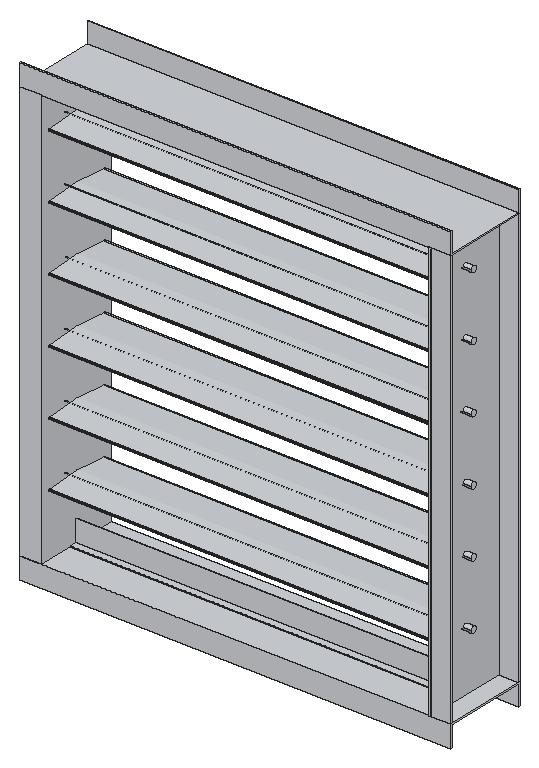
Revit family "NAH-720-1,721-1", category Mechanical Equipment, Revit 2015
Parameters
  URL = "http://unitedenertech.com/catalog/pdf/C_13,14,15,16%20NAH-720-1.pdf"
  Type Comments = "Max. Single Section Size is (60\"w x 96\"h)"
  Model = "NAH-720-1, NAH-721-1"
  Manufacturer = "United Enertech Corporation"
  Keynote = "This model is only a representation of the product, blade position will vary from built dampers."
  Exact Width = 3' - 0"
  Exact Height = 3' - 3"
  Description = "Industrial Airfoil Blade Control Damper"
  Blade Spacing = 0' - 6"
  Blade Number [instance] = (Exact Height - 0' 3") / Blade Spacing  # 6
  BW [instance] = Exact Width - 0' 0 1/8"  # 2' - 11 7/8"
Reference planes (in)
  plane 1 "Center (Front/Back)": y = 0
  plane 2: z = 0
  plane 3 "Center (Left/Right)": x = 0
  plane 4: x = -18
  plane 5: x = 18
  plane 6: x = -20
  plane 7: x = 20
  plane 8: z = 39
  plane 9: z = 41
  plane 10: z = -2
  plane 11: y = 8
  plane 12: z = 35.8483
Forms (in)
  Extrusion 1, solid
    sketch origin (0, 0, 0) x (0, 1, 0) y (0, 0, 1)
      loop
        line (8, 41) -> (7.8954, 41) -> (7.8954, 39.1046) -> (0.1046, 39.1046) -> (0.1046, 41) -> (0, 41) -> (0, 39) -> (8, 39) -> (8, 41)
    from -20 to 20
  Extrusion 2, solid
    sketch origin (0, 0, 0) x (0, 1, 0) y (0, 0, 1)
      loop
        line (8, -2) -> (8, 0) -> (0, 0) -> (0, -2) -> (0.1046, -2) -> (0.1046, -0.1046) -> (7.8954, -0.1046) -> (7.8954, -2) -> (8, -2)
    from -20 to 20
  Extrusion 3, solid
    sketch origin (0, 0, 0) x (1, 0, 0) y (0, 1, 0)
      loop
        line (20, 8) -> (18, 8) -> (18, 0) -> (20, 0) -> (20, 0.1046) -> (18.1046, 0.1046) -> (18.1046, 7.8954) -> (20, 7.8954) -> (20, 8)
    from 0 to 39
  Extrusion 4, solid
    sketch origin (0, 0, 0) x (-1, 0, 0) y (0, -1, 0)
      loop
        line (20, -8) -> (20, -7.8954) -> (18.1046, -7.8954) -> (18.1046, -0.1046) -> (20, -0.1046) -> (20, 0) -> (18, 0) -> (18, -8) -> (20, -8)
    from 0 to 39
  Extrusion 5, solid
    sketch origin (0, 0, 0) x (0, 1, 0) y (0, 0, 1)
      loop
        line (4, 39) -> (4, 38.25) -> (4.1046, 38.25) -> (4.1046, 38.8954) -> (4.75, 38.8954) -> (4.75, 39) -> (4, 39)
    from -18 to 18
  Extrusion 6, solid
    sketch origin (0, 0, 0) x (0, 1, 0) y (0, 0, 1)
      loop
        line (4, 0) -> (4, 2.11083) -> (3.8954, 2.11083) -> (3.8954, 0.1046) -> (3.25, 0.1046) -> (3.25, 0) -> (4, 0)
    from -18 to 18
Dimensions and locks (in)
  equal spacing: plane 4, plane 3 "Center (Left/Right)", plane 5
  "Exact Width": plane 4 to plane 5
  locked: plane 5 to plane 7 at 2
  locked: plane 6 to plane 4 at 2
  "Exact Height": plane 8 to level
  locked: plane 9 to plane 8 at 2
  locked: level to plane 10 at 2
  locked: plane 8 to plane 12 at 3.1517
  equal spacing: group 1, group 2, group 3, group 4, group 5, group 6  (x2)
  equal spacing: group 6, group 5, group 4, group 3, group 2, group 1
  "Blade Spacing": nested 1 to nested 2
  aligned and locked: level to plane 2
  aligned and locked: Extrusion 2 to plane 6
  aligned and locked: Extrusion 1 to plane 6
  aligned and locked: plane 7 to Extrusion 1
  aligned and locked: plane 7 to Extrusion 2
  aligned and locked: Extrusion 4 to level
  aligned and locked: Extrusion 3 to level
  aligned and locked: plane 8 to Extrusion 4
  aligned and locked: plane 8 to Extrusion 3
  aligned and locked: plane 4 to Extrusion 5
  aligned and locked: plane 5 to Extrusion 5
  aligned and locked: plane 12 to nested 1
  aligned and locked: plane 4 to Extrusion 6
  aligned and locked: plane 5 to Extrusion 6
Automatic sketch dimensions
  Extrusion 1 sketch curve to plane 1 "Center (Front/Back)" = 0' - 0"
  Extrusion 1 sketch curve to plane 9 = 0' - 0"  (x2)
  Extrusion 1 sketch curve to plane 8 = 0' - 0"
  Extrusion 1 sketch curve to plane 11 = 0' - 0"
  Extrusion 1 sketch curve to Extrusion 1 sketch curve = 0' - 0.1046"
  Extrusion 1 sketch curve to plane 11 = 0' - 0.1046"
  plane 8 to Extrusion 1 sketch curve = 0' - 0.1046"
  Extrusion 2 sketch curve to plane 1 "Center (Front/Back)" = 0' - 0"
  Extrusion 2 sketch curve to plane 10 = 0' - 0"  (x2)
  Extrusion 2 sketch curve to level = 0' - 0"
  Extrusion 2 sketch curve to plane 11 = 0' - 0"
  Extrusion 2 sketch curve to plane 1 "Center (Front/Back)" = 0' - 0.1046"
  Extrusion 2 sketch curve to plane 11 = 0' - 0.1046"
  Extrusion 2 sketch curve to level = 0' - 0.1046"
  Extrusion 3 sketch curve to plane 5 = 0' - 0"
  Extrusion 3 sketch curve to plane 7 = 0' - 0"  (x2)
  plane 1 "Center (Front/Back)" to Extrusion 3 sketch curve = 0' - 0"
  Extrusion 3 sketch curve to plane 11 = 0' - 0"
  plane 5 to Extrusion 3 sketch curve = 0' - 0.1046"
  Extrusion 3 sketch curve to plane 1 "Center (Front/Back)" = 0' - 0.1046"
  Extrusion 3 sketch curve to Extrusion 3 sketch curve = 0' - 0.1046"
  Extrusion 4 sketch curve to plane 4 = 0' - 0"
  Extrusion 4 sketch curve to plane 6 = 0' - 0"  (x2)
  plane 1 "Center (Front/Back)" to Extrusion 4 sketch curve = 0' - 0"
  Extrusion 4 sketch curve to plane 11 = 0' - 0"
  Extrusion 4 sketch curve to plane 4 = 0' - 0.1046"
  plane 1 "Center (Front/Back)" to Extrusion 4 sketch curve = 0' - 0.1046"
  Extrusion 4 sketch curve to Extrusion 4 sketch curve = 0' - 0.1046"
  Extrusion 5 sketch curve to plane 8 = 0' - 0"
  Extrusion 5 sketch curve to plane 1 "Center (Front/Back)" = 0' - 4"
  Extrusion 5 sketch curve to Extrusion 5 sketch curve = 0' - 0.1046"
  Extrusion 5 sketch curve to Extrusion 5 sketch curve = 0' - 0.6454"
  Extrusion 5 sketch curve to plane 8 = 0' - 0 3/4"
  Extrusion 5 sketch curve to plane 8 = 0' - 0.1046"
  Extrusion 6 sketch curve to level = 0' - 0"
  level to Extrusion 6 sketch curve = 0' - 0.1046"
  Extrusion 6 sketch curve to plane 1 "Center (Front/Back)" = 0' - 3 1/4"
  Extrusion 6 sketch curve to Extrusion 6 sketch curve = 0' - 0 3/4"
  Extrusion 6 sketch curve to Extrusion 6 sketch curve = 0' - 2.00623"
  Extrusion 6 sketch curve to Extrusion 6 sketch curve = 0' - 0.1046"
Nested families (in)
  nested 1: "720-1 Blade" at (0, 4, 36.00241), type "720-1 Blade"
    with Blade Width 2' - 11 7/8"
  nested 2: "720-1 Blade" at (0, 4, 30.00241), type "720-1 Blade"
    with Blade Width 2' - 11 7/8"
  nested 3: "720-1 Blade" at (0, 4, 24.00241), type "720-1 Blade"
    with Blade Width 2' - 11 7/8"
  nested 4: "720-1 Blade" at (0, 4, 18.00241), type "720-1 Blade"
    with Blade Width 2' - 11 7/8"
  nested 5: "720-1 Blade" at (0, 4, 12.00241), type "720-1 Blade"
    with Blade Width 2' - 11 7/8"
  nested 6: "720-1 Blade" at (0, 4, 6.00241), type "720-1 Blade"
    with Blade Width 2' - 11 7/8"
Definition of nested family "720-1 Blade"
  Parameters (values of type "720-1 Blade")
    Blade Width = 2' - 0"
  Reference planes (in)
    plane 1 "Center (Front/Back)": y = 0
    plane 2: z = 0
    plane 3 "Center (Left/Right)": x = 0
    plane 4: x = -12
    plane 5: x = 12
    plane 6: x = 13
    plane 7: x = -13
  Forms (in)
    Extrusion 1, solid
      sketch origin (0, 4.13561, -1.55868) x (0, 1, 0) y (0, 0, 1)
        loop
          line (-0.89382, 1.27263) -> (-0.89382, 1.33243) -> (-1.01385, 1.33243)
          arc (-1.01385, 1.33243) -> (-4.13562, 1.61848) -> (-7.26316, 1.40457) r 19.65453
          line (-7.26316, 1.40457) -> (-7.38319, 1.40457) -> (-7.38319, 1.34477) -> (-7.25819, 1.34477)
          arc (-7.25819, 1.34477) -> (-4.13561, 1.55868) -> (-1.01882, 1.27263) r 19.59245
          line (-1.01882, 1.27263) -> (-0.89382, 1.27263)
      from -12 to 12
    Extrusion 2, solid
      sketch origin (0, 4.13561, -1.55868) x (0, 1, 0) y (0, 0, 1)
        loop
          line (-7.38319, 1.28497) -> (-7.26316, 1.28497)
          arc (-7.26316, 1.28497) -> (-4.14139, 0.99891) -> (-1.01385, 1.21283) r 19.65453
          line (-1.01385, 1.21283) -> (-0.89382, 1.21283) -> (-0.89382, 1.27263) -> (-1.01882, 1.27263)
          arc (-1.01882, 1.27263) -> (-4.14139, 1.05871) -> (-7.25819, 1.34477) r 19.59245
          line (-7.25819, 1.34477) -> (-7.38319, 1.34477) -> (-7.38319, 1.28497)
      from -12 to 12
    Extrusion 3, solid
      sketch origin (0, 4.13561, -1.55868) x (0, 1, 0) y (0, 0, 1)
        loop
          circle (-4.13562, 1.30868) r 0.25
      from -13 to 13
  Dimensions and locks (in)
    equal spacing: plane 4, plane 3 "Center (Left/Right)", plane 5
    "Blade Width": plane 4 to plane 5
    locked: plane 7 to plane 4 at 1
    locked: plane 5 to plane 6 at 1
    aligned and locked: level to plane 2
    aligned and locked: plane 4 to Extrusion 1
    aligned and locked: Extrusion 3 to plane 7
    aligned and locked: plane 4 to Extrusion 2
    aligned and locked: plane 6 to Extrusion 3
    aligned and locked: plane 5 to Extrusion 1
    aligned and locked: plane 5 to Extrusion 2
  Automatic sketch dimensions
    Extrusion 1 sketch curve to level = 0' - 0.21391"
    plane 1 "Center (Front/Back)" to Extrusion 1 sketch curve = 0' - 3.24757"
    Extrusion 1 sketch curve to Extrusion 1 sketch curve = 0' - 0.12003"
    Extrusion 1 sketch curve to Extrusion 1 sketch curve = 0' - 0.00497"  (x2)
    plane 1 "Center (Front/Back)" to Extrusion 1 sketch curve = 0' - 0.22687"
    Extrusion 1 sketch curve to Extrusion 1 sketch curve = 0' - 0.00036"
    Extrusion 1 sketch curve to level = 0' - 0.28605"
    Extrusion 1 sketch curve to plane 1 "Center (Front/Back)" = 0' - 3.11679"
    Extrusion 1 sketch curve to Extrusion 1 sketch curve = 0' - 0 1/8"
    Extrusion 1 sketch curve to Extrusion 1 sketch curve = 0' - 0.00229"
    Extrusion 1 sketch curve to Extrusion 1 sketch curve = 0' - 0.0598"
    Extrusion 2 sketch curve to level = 0' - 0.21391"
    plane 1 "Center (Front/Back)" to Extrusion 2 sketch curve = 0' - 3.24757"
    Extrusion 2 sketch curve to Extrusion 2 sketch curve = 0' - 0.12003"  (x2)
    Extrusion 2 sketch curve to Extrusion 2 sketch curve = 0' - 0.00497"  (x2)
    Extrusion 2 sketch curve to plane 1 "Center (Front/Back)" = 0' - 0.22073"
    Extrusion 2 sketch curve to Extrusion 2 sketch curve = 0' - 0.00036"
    Extrusion 2 sketch curve to level = 0' - 0.28605"
    Extrusion 2 sketch curve to plane 1 "Center (Front/Back)" = 0' - 3.11679"
    Extrusion 2 sketch curve to Extrusion 2 sketch curve = 0' - 0.0598"  (x2)
    plane 1 "Center (Front/Back)" to Extrusion 3 sketch curve = 0' - 0"
    Extrusion 3 sketch curve to level = 0' - 0 1/4"
    radius of Extrusion 3 sketch curve = 0' - 0 1/4"
